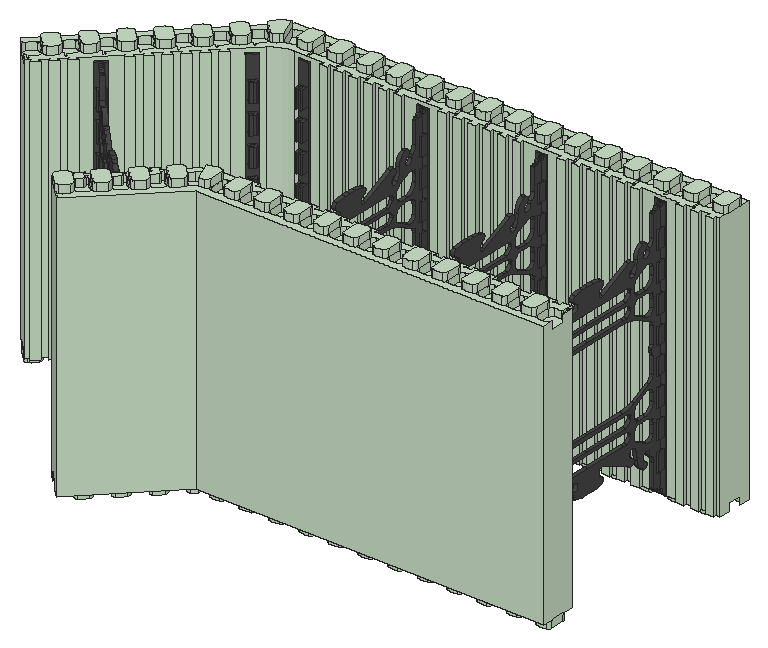
Revit family
Reference planes
  plane 1 "Center (Front/Back)": y = 0
  plane 2: z = 0
  plane 3 "Center (Left/Right)": x = 0
Forms (mm)
  Extrusion 1, solid, material "NUDURA Expanded Polystyrene Foam Insulation"
    sketch origin (-0.04, -0.008, 0) x (1, 0, 0) y (0, 1, 0)
      loop
        line (-90.744, 219.075) -> (-351.727, -41.909) -> (-309.071, -84.565) -> (-304.021, -79.515) -> (-300.651, -85.124) -> (-290.551, -75.025) -> (-296.161, -71.654) -> (-286.061, -61.554) -> (-282.69, -67.164) -> (-272.59, -57.064) -> (-278.2, -53.694) -> (-268.1, -43.594) -> (-264.73, -49.203) -> (-254.63, -39.104) -> (-260.239, -35.733) -> (-214.219, 10.288) -> (-210.848, 4.678) -> (-200.748, 14.778) -> (-206.358, 18.148) -> (-196.258, 28.248) -> (-192.888, 22.639) -> (-182.788, 32.738) -> (-188.397, 36.109) -> (-178.298, 46.209) -> (-174.927, 40.599) -> (-164.827, 50.699) -> (-170.437, 54.069) -> (-160.337, 64.169) -> (-156.967, 58.56) -> (-146.867, 68.659) -> (-152.476, 72.03) -> (-142.377, 82.13) -> (-139.006, 76.52) -> (-128.906, 86.62) -> (-134.516, 89.991) -> (-124.416, 100.09) -> (-121.046, 94.481) -> (-110.946, 104.58) -> (-116.555, 107.951) -> (-80.635, 143.871)
        arc (-80.635, 143.871) -> (-64.155, 154.883) -> (-44.714, 158.75) r 50.8
        line (-44.714, 158.75) -> (6.084, 158.75) -> (4.501, 152.4) -> (18.784, 152.4) -> (17.201, 158.75) -> (31.484, 158.75) -> (29.901, 152.4) -> (44.184, 152.4) -> (42.601, 158.75) -> (56.884, 158.75) -> (55.301, 152.4) -> (69.584, 152.4) -> (68.001, 158.75) -> (82.284, 158.75) -> (80.701, 152.4) -> (94.984, 152.4) -> (93.401, 158.75) -> (107.684, 158.75) -> (106.101, 152.4) -> (120.384, 152.4) -> (118.801, 158.75) -> (133.084, 158.75) -> (131.501, 152.4) -> (145.784, 152.4) -> (144.201, 158.75) -> (209.284, 158.75) -> (207.701, 152.4) -> (221.984, 152.4) -> (220.401, 158.75) -> (234.684, 158.75) -> (233.101, 152.4) -> (247.384, 152.4) -> (245.801, 158.75) -> (260.084, 158.75) -> (258.501, 152.4) -> (272.784, 152.4) -> (271.201, 158.75) -> (285.484, 158.75) -> (283.901, 152.4) -> (298.184, 152.4) -> (296.601, 158.75) -> (310.884, 158.75) -> (309.301, 152.4) -> (323.584, 152.4) -> (322.001, 158.75) -> (336.284, 158.75) -> (334.701, 152.4) -> (348.984, 152.4) -> (347.401, 158.75) -> (412.484, 158.75) -> (410.901, 152.4) -> (425.184, 152.4) -> (423.601, 158.75) -> (437.884, 158.75) -> (436.301, 152.4) -> (450.584, 152.4) -> (449.001, 158.75) -> (463.284, 158.75) -> (461.701, 152.4) -> (475.984, 152.4) -> (474.401, 158.75) -> (488.684, 158.75) -> (487.101, 152.4) -> (501.384, 152.4) -> (499.801, 158.75) -> (514.084, 158.75) -> (512.501, 152.4) -> (526.784, 152.4) -> (525.201, 158.75) -> (539.484, 158.75) -> (537.901, 152.4) -> (552.184, 152.4) -> (550.601, 158.75) -> (615.684, 158.75) -> (614.101, 152.4) -> (628.384, 152.4) -> (626.801, 158.75) -> (641.084, 158.75) -> (639.501, 152.4) -> (653.784, 152.4) -> (652.201, 158.75) -> (666.484, 158.75) -> (664.901, 152.4) -> (679.184, 152.4) -> (677.601, 158.75) -> (684.743, 158.75) -> (684.743, 219.075) -> (-90.744, 219.075)
      loop
        line (684.743, -158.75) -> (677.601, -158.75) -> (679.184, -152.4) -> (664.901, -152.4) -> (666.484, -158.75) -> (652.201, -158.75) -> (653.784, -152.4) -> (639.501, -152.4) -> (641.084, -158.75) -> (626.801, -158.75) -> (628.384, -152.4) -> (614.101, -152.4) -> (615.684, -158.75) -> (550.601, -158.75) -> (552.184, -152.4) -> (537.901, -152.4) -> (539.484, -158.75) -> (525.201, -158.75) -> (526.784, -152.4) -> (512.501, -152.4) -> (514.084, -158.75) -> (499.801, -158.75) -> (501.384, -152.4) -> (487.101, -152.4) -> (488.684, -158.75) -> (474.401, -158.75) -> (475.984, -152.4) -> (461.701, -152.4) -> (463.284, -158.75) -> (449.001, -158.75) -> (450.584, -152.4) -> (436.301, -152.4) -> (437.884, -158.75) -> (423.601, -158.75) -> (425.184, -152.4) -> (410.901, -152.4) -> (412.484, -158.75) -> (347.401, -158.75) -> (348.984, -152.4) -> (334.701, -152.4) -> (336.284, -158.75) -> (322.001, -158.75) -> (323.584, -152.4) -> (309.301, -152.4) -> (310.884, -158.75) -> (296.601, -158.75) -> (298.184, -152.4) -> (283.901, -152.4) -> (285.484, -158.75) -> (271.201, -158.75) -> (272.784, -152.4) -> (258.501, -152.4) -> (260.084, -158.75) -> (245.801, -158.75) -> (247.384, -152.4) -> (233.101, -152.4) -> (234.684, -158.75) -> (220.401, -158.75) -> (221.984, -152.4) -> (207.701, -152.4) -> (209.284, -158.75) -> (144.201, -158.75) -> (145.784, -152.4) -> (131.501, -152.4) -> (133.084, -158.75) -> (86.798, -158.75)
        arc (86.798, -158.75) -> (67.358, -162.617) -> (50.877, -173.629) r 50.8
        line (50.877, -173.629) -> (36.109, -188.397) -> (32.738, -182.788) -> (22.639, -192.888) -> (28.248, -196.258) -> (18.148, -206.358) -> (14.778, -200.748) -> (4.678, -210.848) -> (10.288, -214.219) -> (-35.733, -260.239) -> (-39.104, -254.63) -> (-49.203, -264.73) -> (-43.594, -268.1) -> (-53.694, -278.2) -> (-57.064, -272.59) -> (-67.164, -282.69) -> (-61.554, -286.061) -> (-71.654, -296.161) -> (-75.025, -290.551) -> (-85.124, -300.651) -> (-79.515, -304.021) -> (-84.565, -309.071) -> (-41.909, -351.727) -> (90.744, -219.075) -> (684.743, -219.075) -> (684.743, -158.75)
    from 0 to 457.2
  Extrusion 2, solid, material "NUDURA Expanded Polystyrene Foam Insulation"
    sketch origin (-31.603, 76.192, 0) x (1, 0, 0) y (0, 1, 0)
      loop
        line (-38.796, 93.662) -> (-53.326, 128.741)
        arc (-53.326, 128.741) -> (-60.188, 125.074) -> (-66.202, 120.138) r 39.687
        line (-66.202, 120.138) -> (-69.84, 116.501)
        arc (-69.84, 116.501) -> (-72.579, 113.296) -> (-74.786, 109.703) r 26.988
        arc (-74.786, 109.703) -> (-75.404, 105.823) -> (-73.622, 102.322) r 6.35
        line (-73.622, 102.322) -> (-57.077, 85.778)
        arc (-57.077, 85.778) -> (-53.576, 83.995) -> (-49.696, 84.614) r 6.35
        arc (-49.696, 84.614) -> (-46.104, 86.821) -> (-42.899, 89.56) r 26.987
        line (-42.899, 89.56) -> (-38.796, 93.662)
    from 457.2 to 469.9
  Extrusion 3, solid, material "NUDURA Expanded Polystyrene Foam Insulation"
    sketch origin (-31.603, 76.192, 0) x (1, 0, 0) y (0, 1, 0)
      loop
        line (-38.796, 93.662) -> (-32.994, 93.662)
        arc (-32.994, 93.662) -> (-28.791, 93.992) -> (-24.69, 94.972) r 26.988
        arc (-24.69, 94.972) -> (-21.51, 97.278) -> (-20.294, 101.014) r 6.35
        line (-20.294, 101.014) -> (-20.294, 124.411)
        arc (-20.294, 124.411) -> (-21.51, 128.147) -> (-24.69, 130.453) r 6.35
        arc (-24.69, 130.453) -> (-28.791, 131.433) -> (-32.994, 131.762) r 26.987
        line (-32.994, 131.762) -> (-38.139, 131.762)
        arc (-38.139, 131.762) -> (-45.881, 131) -> (-53.326, 128.741) r 39.687
        line (-53.326, 128.741) -> (-38.796, 93.662)
    from 0 to -12.7
  Extrusion 4, void
    sketch origin (39.928, -67.181, 0) x (1, 0, 0) y (0, 1, 0)
      loop
        arc (-33.981, -218.47) -> (-27.183, -213.524) -> (-22.238, -206.726) r 26.988
        arc (-22.238, -206.726) -> (-21.619, -202.847) -> (-23.401, -199.345) r 6.35
        line (-23.401, -199.345) -> (-39.946, -182.801)
        arc (-39.946, -182.801) -> (-41.894, -181.472) -> (-44.193, -180.946) r 6.35
        arc (-44.193, -180.946) -> (-44.768, -180.814) -> (-45.255, -180.482) r 1.587
        line (-45.255, -180.482) -> (-51.471, -174.266) -> (-54.54, -177.334) -> (-50.56, -181.314)
        arc (-50.56, -181.314) -> (-50.1, -182.566) -> (-50.758, -183.727) r 1.588
        arc (-50.758, -183.727) -> (-55.492, -188.056) -> (-59.07, -193.38) r 26.988
        arc (-59.07, -193.38) -> (-59.689, -197.26) -> (-57.906, -200.761) r 6.35
        line (-57.906, -200.761) -> (-41.362, -217.306)
        arc (-41.362, -217.306) -> (-37.861, -219.088) -> (-33.981, -218.47) r 6.35
    from 457.2 to 444.5
  Extrusion 5, void
    sketch origin (75.849, -31.26, 0) x (1, 0, 0) y (0, 1, 0)
      loop
        arc (-33.981, -218.47) -> (-27.183, -213.524) -> (-22.238, -206.726) r 26.988
        arc (-22.238, -206.726) -> (-21.619, -202.847) -> (-23.401, -199.345) r 6.35
        line (-23.401, -199.345) -> (-39.946, -182.801)
        arc (-39.946, -182.801) -> (-41.894, -181.472) -> (-44.193, -180.946) r 6.35
        arc (-44.193, -180.946) -> (-44.768, -180.814) -> (-45.255, -180.482) r 1.587
        line (-45.255, -180.482) -> (-51.471, -174.266) -> (-54.54, -177.334) -> (-50.56, -181.314)
        arc (-50.56, -181.314) -> (-50.1, -182.566) -> (-50.758, -183.727) r 1.588
        arc (-50.758, -183.727) -> (-55.492, -188.056) -> (-59.07, -193.38) r 26.988
        arc (-59.07, -193.38) -> (-59.689, -197.26) -> (-57.906, -200.761) r 6.35
        line (-57.906, -200.761) -> (-41.362, -217.306)
        arc (-41.362, -217.306) -> (-37.861, -219.088) -> (-33.981, -218.47) r 6.35
    from 457.2 to 444.5
  Extrusion 6, void
    sketch origin (334.208, -76.208, 0) x (0.707107, -0.707107, 0) y (0.707107, 0.707107, 0)
      loop
        arc (-33.981, -218.47) -> (-27.183, -213.524) -> (-22.238, -206.726) r 26.988
        arc (-22.238, -206.726) -> (-21.619, -202.847) -> (-23.401, -199.345) r 6.35
        line (-23.401, -199.345) -> (-39.946, -182.801)
        arc (-39.946, -182.801) -> (-41.894, -181.472) -> (-44.193, -180.946) r 6.35
        arc (-44.193, -180.946) -> (-44.768, -180.814) -> (-45.255, -180.482) r 1.587
        line (-45.255, -180.482) -> (-51.471, -174.266) -> (-54.54, -177.334) -> (-50.56, -181.314)
        arc (-50.56, -181.314) -> (-50.1, -182.566) -> (-50.758, -183.727) r 1.588
        arc (-50.758, -183.727) -> (-55.492, -188.056) -> (-59.07, -193.38) r 26.988
        arc (-59.07, -193.38) -> (-59.689, -197.26) -> (-57.906, -200.761) r 6.35
        line (-57.906, -200.761) -> (-41.362, -217.306)
        arc (-41.362, -217.306) -> (-37.861, -219.088) -> (-33.981, -218.47) r 6.35
    from 457.2 to 444.5
  Extrusion 7, void
    sketch origin (385.008, -76.208, 0) x (0.707107, -0.707107, 0) y (0.707107, 0.707107, 0)
      loop
        arc (-33.981, -218.47) -> (-27.183, -213.524) -> (-22.238, -206.726) r 26.988
        arc (-22.238, -206.726) -> (-21.619, -202.847) -> (-23.401, -199.345) r 6.35
        line (-23.401, -199.345) -> (-39.946, -182.801)
        arc (-39.946, -182.801) -> (-41.894, -181.472) -> (-44.193, -180.946) r 6.35
        arc (-44.193, -180.946) -> (-44.768, -180.814) -> (-45.255, -180.482) r 1.587
        line (-45.255, -180.482) -> (-51.471, -174.266) -> (-54.54, -177.334) -> (-50.56, -181.314)
        arc (-50.56, -181.314) -> (-50.1, -182.566) -> (-50.758, -183.727) r 1.588
        arc (-50.758, -183.727) -> (-55.492, -188.056) -> (-59.07, -193.38) r 26.988
        arc (-59.07, -193.38) -> (-59.689, -197.26) -> (-57.906, -200.761) r 6.35
        line (-57.906, -200.761) -> (-41.362, -217.306)
        arc (-41.362, -217.306) -> (-37.861, -219.088) -> (-33.981, -218.47) r 6.35
    from 457.2 to 444.5
  Extrusion 8, void
    sketch origin (435.808, -76.208, 0) x (0.707107, -0.707107, 0) y (0.707107, 0.707107, 0)
      loop
        arc (-33.981, -218.47) -> (-27.183, -213.524) -> (-22.238, -206.726) r 26.988
        arc (-22.238, -206.726) -> (-21.619, -202.847) -> (-23.401, -199.345) r 6.35
        line (-23.401, -199.345) -> (-39.946, -182.801)
        arc (-39.946, -182.801) -> (-41.894, -181.472) -> (-44.193, -180.946) r 6.35
        arc (-44.193, -180.946) -> (-44.768, -180.814) -> (-45.255, -180.482) r 1.587
        line (-45.255, -180.482) -> (-51.471, -174.266) -> (-54.54, -177.334) -> (-50.56, -181.314)
        arc (-50.56, -181.314) -> (-50.1, -182.566) -> (-50.758, -183.727) r 1.588
        arc (-50.758, -183.727) -> (-55.492, -188.056) -> (-59.07, -193.38) r 26.988
        arc (-59.07, -193.38) -> (-59.689, -197.26) -> (-57.906, -200.761) r 6.35
        line (-57.906, -200.761) -> (-41.362, -217.306)
        arc (-41.362, -217.306) -> (-37.861, -219.088) -> (-33.981, -218.47) r 6.35
    from 457.2 to 444.5
  Extrusion 9, void
    sketch origin (486.608, -76.208, 0) x (0.707107, -0.707107, 0) y (0.707107, 0.707107, 0)
      loop
        arc (-33.981, -218.47) -> (-27.183, -213.524) -> (-22.238, -206.726) r 26.988
        arc (-22.238, -206.726) -> (-21.619, -202.847) -> (-23.401, -199.345) r 6.35
        line (-23.401, -199.345) -> (-39.946, -182.801)
        arc (-39.946, -182.801) -> (-41.894, -181.472) -> (-44.193, -180.946) r 6.35
        arc (-44.193, -180.946) -> (-44.768, -180.814) -> (-45.255, -180.482) r 1.587
        line (-45.255, -180.482) -> (-51.471, -174.266) -> (-54.54, -177.334) -> (-50.56, -181.314)
        arc (-50.56, -181.314) -> (-50.1, -182.566) -> (-50.758, -183.727) r 1.588
        arc (-50.758, -183.727) -> (-55.492, -188.056) -> (-59.07, -193.38) r 26.988
        arc (-59.07, -193.38) -> (-59.689, -197.26) -> (-57.906, -200.761) r 6.35
        line (-57.906, -200.761) -> (-41.362, -217.306)
        arc (-41.362, -217.306) -> (-37.861, -219.088) -> (-33.981, -218.47) r 6.35
    from 457.2 to 444.5
  Extrusion 10, void
    sketch origin (537.408, -76.208, 0) x (0.707107, -0.707107, 0) y (0.707107, 0.707107, 0)
      loop
        arc (-33.981, -218.47) -> (-27.183, -213.524) -> (-22.238, -206.726) r 26.988
        arc (-22.238, -206.726) -> (-21.619, -202.847) -> (-23.401, -199.345) r 6.35
        line (-23.401, -199.345) -> (-39.946, -182.801)
        arc (-39.946, -182.801) -> (-41.894, -181.472) -> (-44.193, -180.946) r 6.35
        arc (-44.193, -180.946) -> (-44.768, -180.814) -> (-45.255, -180.482) r 1.587
        line (-45.255, -180.482) -> (-51.471, -174.266) -> (-54.54, -177.334) -> (-50.56, -181.314)
        arc (-50.56, -181.314) -> (-50.1, -182.566) -> (-50.758, -183.727) r 1.588
        arc (-50.758, -183.727) -> (-55.492, -188.056) -> (-59.07, -193.38) r 26.988
        arc (-59.07, -193.38) -> (-59.689, -197.26) -> (-57.906, -200.761) r 6.35
        line (-57.906, -200.761) -> (-41.362, -217.306)
        arc (-41.362, -217.306) -> (-37.861, -219.088) -> (-33.981, -218.47) r 6.35
    from 457.2 to 444.5
  Extrusion 11, void
    sketch origin (588.208, -76.208, 0) x (0.707107, -0.707107, 0) y (0.707107, 0.707107, 0)
      loop
        arc (-33.981, -218.47) -> (-27.183, -213.524) -> (-22.238, -206.726) r 26.988
        arc (-22.238, -206.726) -> (-21.619, -202.847) -> (-23.401, -199.345) r 6.35
        line (-23.401, -199.345) -> (-39.946, -182.801)
        arc (-39.946, -182.801) -> (-41.894, -181.472) -> (-44.193, -180.946) r 6.35
        arc (-44.193, -180.946) -> (-44.768, -180.814) -> (-45.255, -180.482) r 1.587
        line (-45.255, -180.482) -> (-51.471, -174.266) -> (-54.54, -177.334) -> (-50.56, -181.314)
        arc (-50.56, -181.314) -> (-50.1, -182.566) -> (-50.758, -183.727) r 1.588
        arc (-50.758, -183.727) -> (-55.492, -188.056) -> (-59.07, -193.38) r 26.988
        arc (-59.07, -193.38) -> (-59.689, -197.26) -> (-57.906, -200.761) r 6.35
        line (-57.906, -200.761) -> (-41.362, -217.306)
        arc (-41.362, -217.306) -> (-37.861, -219.088) -> (-33.981, -218.47) r 6.35
    from 457.2 to 444.5
  Extrusion 12, void
    sketch origin (639.008, -76.208, 0) x (0.707107, -0.707107, 0) y (0.707107, 0.707107, 0)
      loop
        arc (-33.981, -218.47) -> (-27.183, -213.524) -> (-22.238, -206.726) r 26.988
        arc (-22.238, -206.726) -> (-21.619, -202.847) -> (-23.401, -199.345) r 6.35
        line (-23.401, -199.345) -> (-39.946, -182.801)
        arc (-39.946, -182.801) -> (-41.894, -181.472) -> (-44.193, -180.946) r 6.35
        arc (-44.193, -180.946) -> (-44.768, -180.814) -> (-45.255, -180.482) r 1.587
        line (-45.255, -180.482) -> (-51.471, -174.266) -> (-54.54, -177.334) -> (-50.56, -181.314)
        arc (-50.56, -181.314) -> (-50.1, -182.566) -> (-50.758, -183.727) r 1.588
        arc (-50.758, -183.727) -> (-55.492, -188.056) -> (-59.07, -193.38) r 26.988
        arc (-59.07, -193.38) -> (-59.689, -197.26) -> (-57.906, -200.761) r 6.35
        line (-57.906, -200.761) -> (-41.362, -217.306)
        arc (-41.362, -217.306) -> (-37.861, -219.088) -> (-33.981, -218.47) r 6.35
    from 457.2 to 444.5
  Extrusion 13, void
    sketch origin (689.808, -76.208, 0) x (0.707107, -0.707107, 0) y (0.707107, 0.707107, 0)
      loop
        arc (-33.981, -218.47) -> (-27.183, -213.524) -> (-22.238, -206.726) r 26.988
        arc (-22.238, -206.726) -> (-21.619, -202.847) -> (-23.401, -199.345) r 6.35
        line (-23.401, -199.345) -> (-39.946, -182.801)
        arc (-39.946, -182.801) -> (-41.894, -181.472) -> (-44.193, -180.946) r 6.35
        arc (-44.193, -180.946) -> (-44.768, -180.814) -> (-45.255, -180.482) r 1.587
        line (-45.255, -180.482) -> (-51.471, -174.266) -> (-54.54, -177.334) -> (-50.56, -181.314)
        arc (-50.56, -181.314) -> (-50.1, -182.566) -> (-50.758, -183.727) r 1.588
        arc (-50.758, -183.727) -> (-55.492, -188.056) -> (-59.07, -193.38) r 26.988
        arc (-59.07, -193.38) -> (-59.689, -197.26) -> (-57.906, -200.761) r 6.35
        line (-57.906, -200.761) -> (-41.362, -217.306)
        arc (-41.362, -217.306) -> (-37.861, -219.088) -> (-33.981, -218.47) r 6.35
    from 457.2 to 444.5
  Extrusion 14, void
    sketch origin (740.608, -76.208, 0) x (0.707107, -0.707107, 0) y (0.707107, 0.707107, 0)
      loop
        arc (-33.981, -218.47) -> (-27.183, -213.524) -> (-22.238, -206.726) r 26.988
        arc (-22.238, -206.726) -> (-21.619, -202.847) -> (-23.401, -199.345) r 6.35
        line (-23.401, -199.345) -> (-39.946, -182.801)
        arc (-39.946, -182.801) -> (-41.894, -181.472) -> (-44.193, -180.946) r 6.35
        arc (-44.193, -180.946) -> (-44.768, -180.814) -> (-45.255, -180.482) r 1.587
        line (-45.255, -180.482) -> (-51.471, -174.266) -> (-54.54, -177.334) -> (-50.56, -181.314)
        arc (-50.56, -181.314) -> (-50.1, -182.566) -> (-50.758, -183.727) r 1.588
        arc (-50.758, -183.727) -> (-55.492, -188.056) -> (-59.07, -193.38) r 26.988
        arc (-59.07, -193.38) -> (-59.689, -197.26) -> (-57.906, -200.761) r 6.35
        line (-57.906, -200.761) -> (-41.362, -217.306)
        arc (-41.362, -217.306) -> (-37.861, -219.088) -> (-33.981, -218.47) r 6.35
    from 457.2 to 444.5
  Extrusion 15, void
    sketch origin (791.408, -76.208, 0) x (0.707107, -0.707107, 0) y (0.707107, 0.707107, 0)
      loop
        arc (-33.981, -218.47) -> (-27.183, -213.524) -> (-22.238, -206.726) r 26.988
        arc (-22.238, -206.726) -> (-21.619, -202.847) -> (-23.401, -199.345) r 6.35
        line (-23.401, -199.345) -> (-39.946, -182.801)
        arc (-39.946, -182.801) -> (-41.894, -181.472) -> (-44.193, -180.946) r 6.35
        arc (-44.193, -180.946) -> (-44.768, -180.814) -> (-45.255, -180.482) r 1.587
        line (-45.255, -180.482) -> (-51.471, -174.266) -> (-54.54, -177.334) -> (-50.56, -181.314)
        arc (-50.56, -181.314) -> (-50.1, -182.566) -> (-50.758, -183.727) r 1.588
        arc (-50.758, -183.727) -> (-55.492, -188.056) -> (-59.07, -193.38) r 26.988
        arc (-59.07, -193.38) -> (-59.689, -197.26) -> (-57.906, -200.761) r 6.35
        line (-57.906, -200.761) -> (-41.362, -217.306)
        arc (-41.362, -217.306) -> (-37.861, -219.088) -> (-33.981, -218.47) r 6.35
    from 457.2 to 444.5
  Extrusion 16, void
    sketch origin (842.208, -76.208, 0) x (0.707107, -0.707107, 0) y (0.707107, 0.707107, 0)
      loop
        arc (-33.981, -218.47) -> (-27.183, -213.524) -> (-22.238, -206.726) r 26.988
        arc (-22.238, -206.726) -> (-21.619, -202.847) -> (-23.401, -199.345) r 6.35
        line (-23.401, -199.345) -> (-39.946, -182.801)
        arc (-39.946, -182.801) -> (-41.894, -181.472) -> (-44.193, -180.946) r 6.35
        arc (-44.193, -180.946) -> (-44.768, -180.814) -> (-45.255, -180.482) r 1.587
        line (-45.255, -180.482) -> (-51.471, -174.266) -> (-54.54, -177.334) -> (-50.56, -181.314)
        arc (-50.56, -181.314) -> (-50.1, -182.566) -> (-50.758, -183.727) r 1.588
        arc (-50.758, -183.727) -> (-55.492, -188.056) -> (-59.07, -193.38) r 26.988
        arc (-59.07, -193.38) -> (-59.689, -197.26) -> (-57.906, -200.761) r 6.35
        line (-57.906, -200.761) -> (-41.362, -217.306)
        arc (-41.362, -217.306) -> (-37.861, -219.088) -> (-33.981, -218.47) r 6.35
    from 457.2 to 444.5
  Extrusion 17, void
    sketch origin (323.997, 76.192, 0) x (-0.707107, 0.707107, 0) y (-0.707107, -0.707107, 0)
      loop
        arc (-33.981, -218.47) -> (-27.183, -213.524) -> (-22.238, -206.726) r 26.988
        arc (-22.238, -206.726) -> (-21.619, -202.847) -> (-23.401, -199.345) r 6.35
        line (-23.401, -199.345) -> (-39.946, -182.801)
        arc (-39.946, -182.801) -> (-41.894, -181.472) -> (-44.193, -180.946) r 6.35
        arc (-44.193, -180.946) -> (-44.768, -180.814) -> (-45.255, -180.482) r 1.587
        line (-45.255, -180.482) -> (-51.471, -174.266) -> (-54.54, -177.334) -> (-50.56, -181.314)
        arc (-50.56, -181.314) -> (-50.1, -182.566) -> (-50.758, -183.727) r 1.588
        arc (-50.758, -183.727) -> (-55.492, -188.056) -> (-59.07, -193.38) r 26.988
        arc (-59.07, -193.38) -> (-59.689, -197.26) -> (-57.906, -200.761) r 6.35
        line (-57.906, -200.761) -> (-41.362, -217.306)
        arc (-41.362, -217.306) -> (-37.861, -219.088) -> (-33.981, -218.47) r 6.35
    from 457.2 to 444.5
  Extrusion 18, void
    sketch origin (374.797, 76.192, 0) x (-0.707107, 0.707107, 0) y (-0.707107, -0.707107, 0)
      loop
        arc (-33.981, -218.47) -> (-27.183, -213.524) -> (-22.238, -206.726) r 26.988
        arc (-22.238, -206.726) -> (-21.619, -202.847) -> (-23.401, -199.345) r 6.35
        line (-23.401, -199.345) -> (-39.946, -182.801)
        arc (-39.946, -182.801) -> (-41.894, -181.472) -> (-44.193, -180.946) r 6.35
        arc (-44.193, -180.946) -> (-44.768, -180.814) -> (-45.255, -180.482) r 1.587
        line (-45.255, -180.482) -> (-51.471, -174.266) -> (-54.54, -177.334) -> (-50.56, -181.314)
        arc (-50.56, -181.314) -> (-50.1, -182.566) -> (-50.758, -183.727) r 1.588
        arc (-50.758, -183.727) -> (-55.492, -188.056) -> (-59.07, -193.38) r 26.988
        arc (-59.07, -193.38) -> (-59.689, -197.26) -> (-57.906, -200.761) r 6.35
        line (-57.906, -200.761) -> (-41.362, -217.306)
        arc (-41.362, -217.306) -> (-37.861, -219.088) -> (-33.981, -218.47) r 6.35
    from 457.2 to 444.5
  Extrusion 19, void
    sketch origin (273.197, 76.192, 0) x (-0.707107, 0.707107, 0) y (-0.707107, -0.707107, 0)
      loop
        arc (-33.981, -218.47) -> (-27.183, -213.524) -> (-22.238, -206.726) r 26.988
        arc (-22.238, -206.726) -> (-21.619, -202.847) -> (-23.401, -199.345) r 6.35
        line (-23.401, -199.345) -> (-39.946, -182.801)
        arc (-39.946, -182.801) -> (-41.894, -181.472) -> (-44.193, -180.946) r 6.35
        arc (-44.193, -180.946) -> (-44.768, -180.814) -> (-45.255, -180.482) r 1.587
        line (-45.255, -180.482) -> (-51.471, -174.266) -> (-54.54, -177.334) -> (-50.56, -181.314)
        arc (-50.56, -181.314) -> (-50.1, -182.566) -> (-50.758, -183.727) r 1.588
        arc (-50.758, -183.727) -> (-55.492, -188.056) -> (-59.07, -193.38) r 26.988
        arc (-59.07, -193.38) -> (-59.689, -197.26) -> (-57.906, -200.761) r 6.35
        line (-57.906, -200.761) -> (-41.362, -217.306)
        arc (-41.362, -217.306) -> (-37.861, -219.088) -> (-33.981, -218.47) r 6.35
    from 457.2 to 444.5
  Extrusion 20, void
    sketch origin (222.397, 76.192, 0) x (-0.707107, 0.707107, 0) y (-0.707107, -0.707107, 0)
      loop
        arc (-33.981, -218.47) -> (-27.183, -213.524) -> (-22.238, -206.726) r 26.988
        arc (-22.238, -206.726) -> (-21.619, -202.847) -> (-23.401, -199.345) r 6.35
        line (-23.401, -199.345) -> (-39.946, -182.801)
        arc (-39.946, -182.801) -> (-41.894, -181.472) -> (-44.193, -180.946) r 6.35
        arc (-44.193, -180.946) -> (-44.768, -180.814) -> (-45.255, -180.482) r 1.587
        line (-45.255, -180.482) -> (-51.471, -174.266) -> (-54.54, -177.334) -> (-50.56, -181.314)
        arc (-50.56, -181.314) -> (-50.1, -182.566) -> (-50.758, -183.727) r 1.588
        arc (-50.758, -183.727) -> (-55.492, -188.056) -> (-59.07, -193.38) r 26.988
        arc (-59.07, -193.38) -> (-59.689, -197.26) -> (-57.906, -200.761) r 6.35
        line (-57.906, -200.761) -> (-41.362, -217.306)
        arc (-41.362, -217.306) -> (-37.861, -219.088) -> (-33.981, -218.47) r 6.35
    from 457.2 to 444.5
  Extrusion 21, void
    sketch origin (171.597, 76.192, 0) x (-0.707107, 0.707107, 0) y (-0.707107, -0.707107, 0)
      loop
        arc (-33.981, -218.47) -> (-27.183, -213.524) -> (-22.238, -206.726) r 26.988
        arc (-22.238, -206.726) -> (-21.619, -202.847) -> (-23.401, -199.345) r 6.35
        line (-23.401, -199.345) -> (-39.946, -182.801)
        arc (-39.946, -182.801) -> (-41.894, -181.472) -> (-44.193, -180.946) r 6.35
        arc (-44.193, -180.946) -> (-44.768, -180.814) -> (-45.255, -180.482) r 1.587
        line (-45.255, -180.482) -> (-51.471, -174.266) -> (-54.54, -177.334) -> (-50.56, -181.314)
        arc (-50.56, -181.314) -> (-50.1, -182.566) -> (-50.758, -183.727) r 1.588
        arc (-50.758, -183.727) -> (-55.492, -188.056) -> (-59.07, -193.38) r 26.988
        arc (-59.07, -193.38) -> (-59.689, -197.26) -> (-57.906, -200.761) r 6.35
        line (-57.906, -200.761) -> (-41.362, -217.306)
        arc (-41.362, -217.306) -> (-37.861, -219.088) -> (-33.981, -218.47) r 6.35
    from 457.2 to 444.5
  Extrusion 22, void
    sketch origin (120.797, 76.192, 0) x (-0.707107, 0.707107, 0) y (-0.707107, -0.707107, 0)
      loop
        arc (-33.981, -218.47) -> (-27.183, -213.524) -> (-22.238, -206.726) r 26.988
        arc (-22.238, -206.726) -> (-21.619, -202.847) -> (-23.401, -199.345) r 6.35
        line (-23.401, -199.345) -> (-39.946, -182.801)
        arc (-39.946, -182.801) -> (-41.894, -181.472) -> (-44.193, -180.946) r 6.35
        arc (-44.193, -180.946) -> (-44.768, -180.814) -> (-45.255, -180.482) r 1.587
        line (-45.255, -180.482) -> (-51.471, -174.266) -> (-54.54, -177.334) -> (-50.56, -181.314)
        arc (-50.56, -181.314) -> (-50.1, -182.566) -> (-50.758, -183.727) r 1.588
        arc (-50.758, -183.727) -> (-55.492, -188.056) -> (-59.07, -193.38) r 26.988
        arc (-59.07, -193.38) -> (-59.689, -197.26) -> (-57.906, -200.761) r 6.35
        line (-57.906, -200.761) -> (-41.362, -217.306)
        arc (-41.362, -217.306) -> (-37.861, -219.088) -> (-33.981, -218.47) r 6.35
    from 457.2 to 444.5
  Extrusion 23, void
    sketch origin (69.997, 76.192, 0) x (-0.707107, 0.707107, 0) y (-0.707107, -0.707107, 0)
      loop
        arc (-33.981, -218.47) -> (-27.183, -213.524) -> (-22.238, -206.726) r 26.988
        arc (-22.238, -206.726) -> (-21.619, -202.847) -> (-23.401, -199.345) r 6.35
        line (-23.401, -199.345) -> (-39.946, -182.801)
        arc (-39.946, -182.801) -> (-41.894, -181.472) -> (-44.193, -180.946) r 6.35
        arc (-44.193, -180.946) -> (-44.768, -180.814) -> (-45.255, -180.482) r 1.587
        line (-45.255, -180.482) -> (-51.471, -174.266) -> (-54.54, -177.334) -> (-50.56, -181.314)
        arc (-50.56, -181.314) -> (-50.1, -182.566) -> (-50.758, -183.727) r 1.588
        arc (-50.758, -183.727) -> (-55.492, -188.056) -> (-59.07, -193.38) r 26.988
        arc (-59.07, -193.38) -> (-59.689, -197.26) -> (-57.906, -200.761) r 6.35
        line (-57.906, -200.761) -> (-41.362, -217.306)
        arc (-41.362, -217.306) -> (-37.861, -219.088) -> (-33.981, -218.47) r 6.35
    from 457.2 to 444.5
  Extrusion 24, void
    sketch origin (19.197, 76.192, 0) x (-0.707107, 0.707107, 0) y (-0.707107, -0.707107, 0)
      loop
        arc (-33.981, -218.47) -> (-27.183, -213.524) -> (-22.238, -206.726) r 26.988
        arc (-22.238, -206.726) -> (-21.619, -202.847) -> (-23.401, -199.345) r 6.35
        line (-23.401, -199.345) -> (-39.946, -182.801)
        arc (-39.946, -182.801) -> (-41.894, -181.472) -> (-44.193, -180.946) r 6.35
        arc (-44.193, -180.946) -> (-44.768, -180.814) -> (-45.255, -180.482) r 1.587
        line (-45.255, -180.482) -> (-51.471, -174.266) -> (-54.54, -177.334) -> (-50.56, -181.314)
        arc (-50.56, -181.314) -> (-50.1, -182.566) -> (-50.758, -183.727) r 1.588
        arc (-50.758, -183.727) -> (-55.492, -188.056) -> (-59.07, -193.38) r 26.988
        arc (-59.07, -193.38) -> (-59.689, -197.26) -> (-57.906, -200.761) r 6.35
        line (-57.906, -200.761) -> (-41.362, -217.306)
        arc (-41.362, -217.306) -> (-37.861, -219.088) -> (-33.981, -218.47) r 6.35
    from 457.2 to 444.5
  Extrusion 25, void
    sketch origin (-31.603, 76.192, 0) x (-0.707107, 0.707107, 0) y (-0.707107, -0.707107, 0)
      loop
        arc (-33.981, -218.47) -> (-27.183, -213.524) -> (-22.238, -206.726) r 26.988
        arc (-22.238, -206.726) -> (-21.619, -202.847) -> (-23.401, -199.345) r 6.35
        line (-23.401, -199.345) -> (-39.946, -182.801)
        arc (-39.946, -182.801) -> (-41.894, -181.472) -> (-44.193, -180.946) r 6.35
        arc (-44.193, -180.946) -> (-44.768, -180.814) -> (-45.255, -180.482) r 1.587
        line (-45.255, -180.482) -> (-51.471, -174.266) -> (-54.54, -177.334) -> (-50.56, -181.314)
        arc (-50.56, -181.314) -> (-50.1, -182.566) -> (-50.758, -183.727) r 1.588
        arc (-50.758, -183.727) -> (-55.492, -188.056) -> (-59.07, -193.38) r 26.988
        arc (-59.07, -193.38) -> (-59.689, -197.26) -> (-57.906, -200.761) r 6.35
        line (-57.906, -200.761) -> (-41.362, -217.306)
        arc (-41.362, -217.306) -> (-37.861, -219.088) -> (-33.981, -218.47) r 6.35
    from 457.2 to 444.5
  Extrusion 26, void
    sketch origin (-82.403, 76.192, 0) x (-0.707107, 0.707107, 0) y (-0.707107, -0.707107, 0)
      loop
        arc (-33.981, -218.47) -> (-27.183, -213.524) -> (-22.238, -206.726) r 26.988
        arc (-22.238, -206.726) -> (-21.619, -202.847) -> (-23.401, -199.345) r 6.35
        line (-23.401, -199.345) -> (-39.946, -182.801)
        arc (-39.946, -182.801) -> (-41.894, -181.472) -> (-44.193, -180.946) r 6.35
        arc (-44.193, -180.946) -> (-44.768, -180.814) -> (-45.255, -180.482) r 1.587
        line (-45.255, -180.482) -> (-51.471, -174.266) -> (-54.54, -177.334) -> (-50.56, -181.314)
        arc (-50.56, -181.314) -> (-50.1, -182.566) -> (-50.758, -183.727) r 1.588
        arc (-50.758, -183.727) -> (-55.492, -188.056) -> (-59.07, -193.38) r 26.988
        arc (-59.07, -193.38) -> (-59.689, -197.26) -> (-57.906, -200.761) r 6.35
        line (-57.906, -200.761) -> (-41.362, -217.306)
        arc (-41.362, -217.306) -> (-37.861, -219.088) -> (-33.981, -218.47) r 6.35
    from 457.2 to 444.5
  Extrusion 27, void
    sketch origin (-133.203, 76.192, 0) x (-0.707107, 0.707107, 0) y (-0.707107, -0.707107, 0)
      loop
        arc (-33.981, -218.47) -> (-27.183, -213.524) -> (-22.238, -206.726) r 26.988
        arc (-22.238, -206.726) -> (-21.619, -202.847) -> (-23.401, -199.345) r 6.35
        line (-23.401, -199.345) -> (-39.946, -182.801)
        arc (-39.946, -182.801) -> (-41.894, -181.472) -> (-44.193, -180.946) r 6.35
        arc (-44.193, -180.946) -> (-44.768, -180.814) -> (-45.255, -180.482) r 1.587
        line (-45.255, -180.482) -> (-51.471, -174.266) -> (-54.54, -177.334) -> (-50.56, -181.314)
        arc (-50.56, -181.314) -> (-50.1, -182.566) -> (-50.758, -183.727) r 1.588
        arc (-50.758, -183.727) -> (-55.492, -188.056) -> (-59.07, -193.38) r 26.988
        arc (-59.07, -193.38) -> (-59.689, -197.26) -> (-57.906, -200.761) r 6.35
        line (-57.906, -200.761) -> (-41.362, -217.306)
        arc (-41.362, -217.306) -> (-37.861, -219.088) -> (-33.981, -218.47) r 6.35
    from 457.2 to 444.5
  Extrusion 28, void
    sketch origin (-184.003, 76.192, 0) x (-0.707107, 0.707107, 0) y (-0.707107, -0.707107, 0)
      loop
        arc (-33.981, -218.47) -> (-27.183, -213.524) -> (-22.238, -206.726) r 26.988
        arc (-22.238, -206.726) -> (-21.619, -202.847) -> (-23.401, -199.345) r 6.35
        line (-23.401, -199.345) -> (-39.946, -182.801)
        arc (-39.946, -182.801) -> (-41.894, -181.472) -> (-44.193, -180.946) r 6.35
        arc (-44.193, -180.946) -> (-44.768, -180.814) -> (-45.255, -180.482) r 1.587
        line (-45.255, -180.482) -> (-51.471, -174.266) -> (-54.54, -177.334) -> (-50.56, -181.314)
        arc (-50.56, -181.314) -> (-50.1, -182.566) -> (-50.758, -183.727) r 1.588
        arc (-50.758, -183.727) -> (-55.492, -188.056) -> (-59.07, -193.38) r 26.988
        arc (-59.07, -193.38) -> (-59.689, -197.26) -> (-57.906, -200.761) r 6.35
        line (-57.906, -200.761) -> (-41.362, -217.306)
        arc (-41.362, -217.306) -> (-37.861, -219.088) -> (-33.981, -218.47) r 6.35
    from 457.2 to 444.5
  Extrusion 29, void
    sketch origin (-290.271, -182.476, 0) x (-1, 0, 0) y (0, -1, 0)
      loop
        arc (-33.981, -218.47) -> (-27.183, -213.524) -> (-22.238, -206.726) r 26.988
        arc (-22.238, -206.726) -> (-21.619, -202.847) -> (-23.401, -199.345) r 6.35
        line (-23.401, -199.345) -> (-39.946, -182.801)
        arc (-39.946, -182.801) -> (-41.894, -181.472) -> (-44.193, -180.946) r 6.35
        arc (-44.193, -180.946) -> (-44.768, -180.814) -> (-45.255, -180.482) r 1.587
        line (-45.255, -180.482) -> (-51.471, -174.266) -> (-54.54, -177.334) -> (-50.56, -181.314)
        arc (-50.56, -181.314) -> (-50.1, -182.566) -> (-50.758, -183.727) r 1.588
        arc (-50.758, -183.727) -> (-55.492, -188.056) -> (-59.07, -193.38) r 26.988
        arc (-59.07, -193.38) -> (-59.689, -197.26) -> (-57.906, -200.761) r 6.35
        line (-57.906, -200.761) -> (-41.362, -217.306)
        arc (-41.362, -217.306) -> (-37.861, -219.088) -> (-33.981, -218.47) r 6.35
    from 457.2 to 444.5
  Extrusion 30, void
    sketch origin (-254.35, -146.555, 0) x (-1, 0, 0) y (0, -1, 0)
      loop
        arc (-33.981, -218.47) -> (-27.183, -213.524) -> (-22.238, -206.726) r 26.988
        arc (-22.238, -206.726) -> (-21.619, -202.847) -> (-23.401, -199.345) r 6.35
        line (-23.401, -199.345) -> (-39.946, -182.801)
        arc (-39.946, -182.801) -> (-41.894, -181.472) -> (-44.193, -180.946) r 6.35
        arc (-44.193, -180.946) -> (-44.768, -180.814) -> (-45.255, -180.482) r 1.587
        line (-45.255, -180.482) -> (-51.471, -174.266) -> (-54.54, -177.334) -> (-50.56, -181.314)
        arc (-50.56, -181.314) -> (-50.1, -182.566) -> (-50.758, -183.727) r 1.588
        arc (-50.758, -183.727) -> (-55.492, -188.056) -> (-59.07, -193.38) r 26.988
        arc (-59.07, -193.38) -> (-59.689, -197.26) -> (-57.906, -200.761) r 6.35
        line (-57.906, -200.761) -> (-41.362, -217.306)
        arc (-41.362, -217.306) -> (-37.861, -219.088) -> (-33.981, -218.47) r 6.35
    from 457.2 to 444.5
  Extrusion 31, void
    sketch origin (-218.429, -110.634, 0) x (-1, 0, 0) y (0, -1, 0)
      loop
        arc (-33.981, -218.47) -> (-27.183, -213.524) -> (-22.238, -206.726) r 26.988
        arc (-22.238, -206.726) -> (-21.619, -202.847) -> (-23.401, -199.345) r 6.35
        line (-23.401, -199.345) -> (-39.946, -182.801)
        arc (-39.946, -182.801) -> (-41.894, -181.472) -> (-44.193, -180.946) r 6.35
        arc (-44.193, -180.946) -> (-44.768, -180.814) -> (-45.255, -180.482) r 1.587
        line (-45.255, -180.482) -> (-51.471, -174.266) -> (-54.54, -177.334) -> (-50.56, -181.314)
        arc (-50.56, -181.314) -> (-50.1, -182.566) -> (-50.758, -183.727) r 1.588
        arc (-50.758, -183.727) -> (-55.492, -188.056) -> (-59.07, -193.38) r 26.988
        arc (-59.07, -193.38) -> (-59.689, -197.26) -> (-57.906, -200.761) r 6.35
        line (-57.906, -200.761) -> (-41.362, -217.306)
        arc (-41.362, -217.306) -> (-37.861, -219.088) -> (-33.981, -218.47) r 6.35
    from 457.2 to 444.5
  Extrusion 32, void
    sketch origin (-182.507, -74.713, 0) x (-1, 0, 0) y (0, -1, 0)
      loop
        arc (-33.981, -218.47) -> (-27.183, -213.524) -> (-22.238, -206.726) r 26.988
        arc (-22.238, -206.726) -> (-21.619, -202.847) -> (-23.401, -199.345) r 6.35
        line (-23.401, -199.345) -> (-39.946, -182.801)
        arc (-39.946, -182.801) -> (-41.894, -181.472) -> (-44.193, -180.946) r 6.35
        arc (-44.193, -180.946) -> (-44.768, -180.814) -> (-45.255, -180.482) r 1.587
        line (-45.255, -180.482) -> (-51.471, -174.266) -> (-54.54, -177.334) -> (-50.56, -181.314)
        arc (-50.56, -181.314) -> (-50.1, -182.566) -> (-50.758, -183.727) r 1.588
        arc (-50.758, -183.727) -> (-55.492, -188.056) -> (-59.07, -193.38) r 26.988
        arc (-59.07, -193.38) -> (-59.689, -197.26) -> (-57.906, -200.761) r 6.35
        line (-57.906, -200.761) -> (-41.362, -217.306)
        arc (-41.362, -217.306) -> (-37.861, -219.088) -> (-33.981, -218.47) r 6.35
    from 457.2 to 444.5
  Extrusion 33, void
    sketch origin (-146.586, -38.792, 0) x (-1, 0, 0) y (0, -1, 0)
      loop
        arc (-33.981, -218.47) -> (-27.183, -213.524) -> (-22.238, -206.726) r 26.988
        arc (-22.238, -206.726) -> (-21.619, -202.847) -> (-23.401, -199.345) r 6.35
        line (-23.401, -199.345) -> (-39.946, -182.801)
        arc (-39.946, -182.801) -> (-41.894, -181.472) -> (-44.193, -180.946) r 6.35
        arc (-44.193, -180.946) -> (-44.768, -180.814) -> (-45.255, -180.482) r 1.587
        line (-45.255, -180.482) -> (-51.471, -174.266) -> (-54.54, -177.334) -> (-50.56, -181.314)
        arc (-50.56, -181.314) -> (-50.1, -182.566) -> (-50.758, -183.727) r 1.588
        arc (-50.758, -183.727) -> (-55.492, -188.056) -> (-59.07, -193.38) r 26.988
        arc (-59.07, -193.38) -> (-59.689, -197.26) -> (-57.906, -200.761) r 6.35
        line (-57.906, -200.761) -> (-41.362, -217.306)
        arc (-41.362, -217.306) -> (-37.861, -219.088) -> (-33.981, -218.47) r 6.35
    from 457.2 to 444.5
  Extrusion 34, void
    sketch origin (-31.603, 76.192, 0) x (1, 0, 0) y (0, 1, 0)
      loop
        line (-38.796, 93.662) -> (-32.994, 93.662)
        arc (-32.994, 93.662) -> (-28.791, 93.992) -> (-24.69, 94.972) r 26.988
        arc (-24.69, 94.972) -> (-21.51, 97.278) -> (-20.294, 101.014) r 6.35
        line (-20.294, 101.014) -> (-20.294, 124.411)
        arc (-20.294, 124.411) -> (-21.51, 128.147) -> (-24.69, 130.453) r 6.35
        arc (-24.69, 130.453) -> (-28.791, 131.433) -> (-32.994, 131.762) r 26.987
        line (-32.994, 131.762) -> (-38.139, 131.762)
        arc (-38.139, 131.762) -> (-45.881, 131) -> (-53.326, 128.741) r 39.687
        line (-53.326, 128.741) -> (-38.796, 93.662)
    from 457.2 to 444.5
  Extrusion 35, void
    sketch origin (-31.603, 76.192, 0) x (1, 0, 0) y (0, 1, 0)
      loop
        line (-66.202, 120.138) -> (-69.84, 116.501)
        arc (-69.84, 116.501) -> (-72.579, 113.296) -> (-74.786, 109.703) r 26.988
        arc (-74.786, 109.703) -> (-75.404, 105.823) -> (-73.622, 102.322) r 6.35
        line (-73.622, 102.322) -> (-57.077, 85.778)
        arc (-57.077, 85.778) -> (-53.576, 83.995) -> (-49.696, 84.614) r 6.35
        arc (-49.696, 84.614) -> (-46.104, 86.821) -> (-42.899, 89.56) r 26.987
        line (-42.899, 89.56) -> (-38.796, 93.662) -> (-53.326, 128.741)
        arc (-53.326, 128.741) -> (-60.188, 125.074) -> (-66.202, 120.138) r 39.687
    from 0 to 12.7
  Extrusion 36, void
    sketch origin (-218.739, -325.849, 0) x (0, -1, 0) y (1, 0, 0)
      loop
        arc (-33.981, 218.47) -> (-37.861, 219.088) -> (-41.362, 217.306) r 6.35
        line (-41.362, 217.306) -> (-57.906, 200.761)
        arc (-57.906, 200.761) -> (-59.689, 197.26) -> (-59.07, 193.38) r 6.35
        arc (-59.07, 193.38) -> (-55.492, 188.056) -> (-50.758, 183.727) r 26.988
        arc (-50.758, 183.727) -> (-50.1, 182.566) -> (-50.56, 181.314) r 1.588
        line (-50.56, 181.314) -> (-54.54, 177.334) -> (-51.471, 174.266) -> (-45.255, 180.482)
        arc (-45.255, 180.482) -> (-44.768, 180.814) -> (-44.193, 180.946) r 1.587
        arc (-44.193, 180.946) -> (-41.894, 181.472) -> (-39.946, 182.801) r 6.35
        line (-39.946, 182.801) -> (-23.401, 199.345)
        arc (-23.401, 199.345) -> (-21.619, 202.847) -> (-22.238, 206.726) r 6.35
        arc (-22.238, 206.726) -> (-27.183, 213.524) -> (-33.981, 218.47) r 26.988
    from 0 to 12.7
  Extrusion 37, void
    sketch origin (-182.818, -289.928, 0) x (0, -1, 0) y (1, 0, 0)
      loop
        arc (-33.981, 218.47) -> (-37.861, 219.088) -> (-41.362, 217.306) r 6.35
        line (-41.362, 217.306) -> (-57.906, 200.761)
        arc (-57.906, 200.761) -> (-59.689, 197.26) -> (-59.07, 193.38) r 6.35
        arc (-59.07, 193.38) -> (-55.492, 188.056) -> (-50.758, 183.727) r 26.988
        arc (-50.758, 183.727) -> (-50.1, 182.566) -> (-50.56, 181.314) r 1.588
        line (-50.56, 181.314) -> (-54.54, 177.334) -> (-51.471, 174.266) -> (-45.255, 180.482)
        arc (-45.255, 180.482) -> (-44.768, 180.814) -> (-44.193, 180.946) r 1.587
        arc (-44.193, 180.946) -> (-41.894, 181.472) -> (-39.946, 182.801) r 6.35
        line (-39.946, 182.801) -> (-23.401, 199.345)
        arc (-23.401, 199.345) -> (-21.619, 202.847) -> (-22.238, 206.726) r 6.35
        arc (-22.238, 206.726) -> (-27.183, 213.524) -> (-33.981, 218.47) r 26.988
    from 0 to 12.7
  Extrusion 38, void
    sketch origin (-146.897, -254.007, 0) x (0, -1, 0) y (1, 0, 0)
      loop
        arc (-33.981, 218.47) -> (-37.861, 219.088) -> (-41.362, 217.306) r 6.35
        line (-41.362, 217.306) -> (-57.906, 200.761)
        arc (-57.906, 200.761) -> (-59.689, 197.26) -> (-59.07, 193.38) r 6.35
        arc (-59.07, 193.38) -> (-55.492, 188.056) -> (-50.758, 183.727) r 26.988
        arc (-50.758, 183.727) -> (-50.1, 182.566) -> (-50.56, 181.314) r 1.588
        line (-50.56, 181.314) -> (-54.54, 177.334) -> (-51.471, 174.266) -> (-45.255, 180.482)
        arc (-45.255, 180.482) -> (-44.768, 180.814) -> (-44.193, 180.946) r 1.587
        arc (-44.193, 180.946) -> (-41.894, 181.472) -> (-39.946, 182.801) r 6.35
        line (-39.946, 182.801) -> (-23.401, 199.345)
        arc (-23.401, 199.345) -> (-21.619, 202.847) -> (-22.238, 206.726) r 6.35
        arc (-22.238, 206.726) -> (-27.183, 213.524) -> (-33.981, 218.47) r 26.988
    from 0 to 12.7
  Extrusion 39, void
    sketch origin (19.197, -76.208, 0) x (-0.707107, -0.707107, 0) y (0.707107, -0.707107, 0)
      loop
        arc (-33.981, 218.47) -> (-37.861, 219.088) -> (-41.362, 217.306) r 6.35
        line (-41.362, 217.306) -> (-57.906, 200.761)
        arc (-57.906, 200.761) -> (-59.689, 197.26) -> (-59.07, 193.38) r 6.35
        arc (-59.07, 193.38) -> (-55.492, 188.056) -> (-50.758, 183.727) r 26.988
        arc (-50.758, 183.727) -> (-50.1, 182.566) -> (-50.56, 181.314) r 1.588
        line (-50.56, 181.314) -> (-54.54, 177.334) -> (-51.471, 174.266) -> (-45.255, 180.482)
        arc (-45.255, 180.482) -> (-44.768, 180.814) -> (-44.193, 180.946) r 1.587
        arc (-44.193, 180.946) -> (-41.894, 181.472) -> (-39.946, 182.801) r 6.35
        line (-39.946, 182.801) -> (-23.401, 199.345)
        arc (-23.401, 199.345) -> (-21.619, 202.847) -> (-22.238, 206.726) r 6.35
        arc (-22.238, 206.726) -> (-27.183, 213.524) -> (-33.981, 218.47) r 26.988
    from 0 to 12.7
  Extrusion 40, void
    sketch origin (69.997, -76.208, 0) x (-0.707107, -0.707107, 0) y (0.707107, -0.707107, 0)
      loop
        arc (-33.981, 218.47) -> (-37.861, 219.088) -> (-41.362, 217.306) r 6.35
        line (-41.362, 217.306) -> (-57.906, 200.761)
        arc (-57.906, 200.761) -> (-59.689, 197.26) -> (-59.07, 193.38) r 6.35
        arc (-59.07, 193.38) -> (-55.492, 188.056) -> (-50.758, 183.727) r 26.988
        arc (-50.758, 183.727) -> (-50.1, 182.566) -> (-50.56, 181.314) r 1.588
        line (-50.56, 181.314) -> (-54.54, 177.334) -> (-51.471, 174.266) -> (-45.255, 180.482)
        arc (-45.255, 180.482) -> (-44.768, 180.814) -> (-44.193, 180.946) r 1.587
        arc (-44.193, 180.946) -> (-41.894, 181.472) -> (-39.946, 182.801) r 6.35
        line (-39.946, 182.801) -> (-23.401, 199.345)
        arc (-23.401, 199.345) -> (-21.619, 202.847) -> (-22.238, 206.726) r 6.35
        arc (-22.238, 206.726) -> (-27.183, 213.524) -> (-33.981, 218.47) r 26.988
    from 0 to 12.7
  Extrusion 41, void
    sketch origin (120.797, -76.208, 0) x (-0.707107, -0.707107, 0) y (0.707107, -0.707107, 0)
      loop
        arc (-33.981, 218.47) -> (-37.861, 219.088) -> (-41.362, 217.306) r 6.35
        line (-41.362, 217.306) -> (-57.906, 200.761)
        arc (-57.906, 200.761) -> (-59.689, 197.26) -> (-59.07, 193.38) r 6.35
        arc (-59.07, 193.38) -> (-55.492, 188.056) -> (-50.758, 183.727) r 26.988
        arc (-50.758, 183.727) -> (-50.1, 182.566) -> (-50.56, 181.314) r 1.588
        line (-50.56, 181.314) -> (-54.54, 177.334) -> (-51.471, 174.266) -> (-45.255, 180.482)
        arc (-45.255, 180.482) -> (-44.768, 180.814) -> (-44.193, 180.946) r 1.587
        arc (-44.193, 180.946) -> (-41.894, 181.472) -> (-39.946, 182.801) r 6.35
        line (-39.946, 182.801) -> (-23.401, 199.345)
        arc (-23.401, 199.345) -> (-21.619, 202.847) -> (-22.238, 206.726) r 6.35
        arc (-22.238, 206.726) -> (-27.183, 213.524) -> (-33.981, 218.47) r 26.988
    from 0 to 12.7
  Extrusion 42, void
    sketch origin (171.597, -76.208, 0) x (-0.707107, -0.707107, 0) y (0.707107, -0.707107, 0)
      loop
        arc (-33.981, 218.47) -> (-37.861, 219.088) -> (-41.362, 217.306) r 6.35
        line (-41.362, 217.306) -> (-57.906, 200.761)
        arc (-57.906, 200.761) -> (-59.689, 197.26) -> (-59.07, 193.38) r 6.35
        arc (-59.07, 193.38) -> (-55.492, 188.056) -> (-50.758, 183.727) r 26.988
        arc (-50.758, 183.727) -> (-50.1, 182.566) -> (-50.56, 181.314) r 1.588
        line (-50.56, 181.314) -> (-54.54, 177.334) -> (-51.471, 174.266) -> (-45.255, 180.482)
        arc (-45.255, 180.482) -> (-44.768, 180.814) -> (-44.193, 180.946) r 1.587
        arc (-44.193, 180.946) -> (-41.894, 181.472) -> (-39.946, 182.801) r 6.35
        line (-39.946, 182.801) -> (-23.401, 199.345)
        arc (-23.401, 199.345) -> (-21.619, 202.847) -> (-22.238, 206.726) r 6.35
        arc (-22.238, 206.726) -> (-27.183, 213.524) -> (-33.981, 218.47) r 26.988
    from 0 to 12.7
  Extrusion 43, void
    sketch origin (222.397, -76.208, 0) x (-0.707107, -0.707107, 0) y (0.707107, -0.707107, 0)
      loop
        arc (-33.981, 218.47) -> (-37.861, 219.088) -> (-41.362, 217.306) r 6.35
        line (-41.362, 217.306) -> (-57.906, 200.761)
        arc (-57.906, 200.761) -> (-59.689, 197.26) -> (-59.07, 193.38) r 6.35
        arc (-59.07, 193.38) -> (-55.492, 188.056) -> (-50.758, 183.727) r 26.988
        arc (-50.758, 183.727) -> (-50.1, 182.566) -> (-50.56, 181.314) r 1.588
        line (-50.56, 181.314) -> (-54.54, 177.334) -> (-51.471, 174.266) -> (-45.255, 180.482)
        arc (-45.255, 180.482) -> (-44.768, 180.814) -> (-44.193, 180.946) r 1.587
        arc (-44.193, 180.946) -> (-41.894, 181.472) -> (-39.946, 182.801) r 6.35
        line (-39.946, 182.801) -> (-23.401, 199.345)
        arc (-23.401, 199.345) -> (-21.619, 202.847) -> (-22.238, 206.726) r 6.35
        arc (-22.238, 206.726) -> (-27.183, 213.524) -> (-33.981, 218.47) r 26.988
    from 0 to 12.7
  Extrusion 44, void
    sketch origin (273.197, -76.208, 0) x (-0.707107, -0.707107, 0) y (0.707107, -0.707107, 0)
      loop
        arc (-33.981, 218.47) -> (-37.861, 219.088) -> (-41.362, 217.306) r 6.35
        line (-41.362, 217.306) -> (-57.906, 200.761)
        arc (-57.906, 200.761) -> (-59.689, 197.26) -> (-59.07, 193.38) r 6.35
        arc (-59.07, 193.38) -> (-55.492, 188.056) -> (-50.758, 183.727) r 26.988
        arc (-50.758, 183.727) -> (-50.1, 182.566) -> (-50.56, 181.314) r 1.588
        line (-50.56, 181.314) -> (-54.54, 177.334) -> (-51.471, 174.266) -> (-45.255, 180.482)
        arc (-45.255, 180.482) -> (-44.768, 180.814) -> (-44.193, 180.946) r 1.587
        arc (-44.193, 180.946) -> (-41.894, 181.472) -> (-39.946, 182.801) r 6.35
        line (-39.946, 182.801) -> (-23.401, 199.345)
        arc (-23.401, 199.345) -> (-21.619, 202.847) -> (-22.238, 206.726) r 6.35
        arc (-22.238, 206.726) -> (-27.183, 213.524) -> (-33.981, 218.47) r 26.988
    from 0 to 12.7
  Extrusion 45, void
    sketch origin (323.997, -76.208, 0) x (-0.707107, -0.707107, 0) y (0.707107, -0.707107, 0)
      loop
        arc (-33.981, 218.47) -> (-37.861, 219.088) -> (-41.362, 217.306) r 6.35
        line (-41.362, 217.306) -> (-57.906, 200.761)
        arc (-57.906, 200.761) -> (-59.689, 197.26) -> (-59.07, 193.38) r 6.35
        arc (-59.07, 193.38) -> (-55.492, 188.056) -> (-50.758, 183.727) r 26.988
        arc (-50.758, 183.727) -> (-50.1, 182.566) -> (-50.56, 181.314) r 1.588
        line (-50.56, 181.314) -> (-54.54, 177.334) -> (-51.471, 174.266) -> (-45.255, 180.482)
        arc (-45.255, 180.482) -> (-44.768, 180.814) -> (-44.193, 180.946) r 1.587
        arc (-44.193, 180.946) -> (-41.894, 181.472) -> (-39.946, 182.801) r 6.35
        line (-39.946, 182.801) -> (-23.401, 199.345)
        arc (-23.401, 199.345) -> (-21.619, 202.847) -> (-22.238, 206.726) r 6.35
        arc (-22.238, 206.726) -> (-27.183, 213.524) -> (-33.981, 218.47) r 26.988
    from 0 to 12.7
  Extrusion 46, void
    sketch origin (374.797, -76.208, 0) x (-0.707107, -0.707107, 0) y (0.707107, -0.707107, 0)
      loop
        arc (-33.981, 218.47) -> (-37.861, 219.088) -> (-41.362, 217.306) r 6.35
        line (-41.362, 217.306) -> (-57.906, 200.761)
        arc (-57.906, 200.761) -> (-59.689, 197.26) -> (-59.07, 193.38) r 6.35
        arc (-59.07, 193.38) -> (-55.492, 188.056) -> (-50.758, 183.727) r 26.988
        arc (-50.758, 183.727) -> (-50.1, 182.566) -> (-50.56, 181.314) r 1.588
        line (-50.56, 181.314) -> (-54.54, 177.334) -> (-51.471, 174.266) -> (-45.255, 180.482)
        arc (-45.255, 180.482) -> (-44.768, 180.814) -> (-44.193, 180.946) r 1.587
        arc (-44.193, 180.946) -> (-41.894, 181.472) -> (-39.946, 182.801) r 6.35
        line (-39.946, 182.801) -> (-23.401, 199.345)
        arc (-23.401, 199.345) -> (-21.619, 202.847) -> (-22.238, 206.726) r 6.35
        arc (-22.238, 206.726) -> (-27.183, 213.524) -> (-33.981, 218.47) r 26.988
    from 0 to 12.7
  Extrusion 47, void
    sketch origin (425.597, -76.208, 0) x (-0.707107, -0.707107, 0) y (0.707107, -0.707107, 0)
      loop
        arc (-33.981, 218.47) -> (-37.861, 219.088) -> (-41.362, 217.306) r 6.35
        line (-41.362, 217.306) -> (-57.906, 200.761)
        arc (-57.906, 200.761) -> (-59.689, 197.26) -> (-59.07, 193.38) r 6.35
        arc (-59.07, 193.38) -> (-55.492, 188.056) -> (-50.758, 183.727) r 26.988
        arc (-50.758, 183.727) -> (-50.1, 182.566) -> (-50.56, 181.314) r 1.588
        line (-50.56, 181.314) -> (-54.54, 177.334) -> (-51.471, 174.266) -> (-45.255, 180.482)
        arc (-45.255, 180.482) -> (-44.768, 180.814) -> (-44.193, 180.946) r 1.587
        arc (-44.193, 180.946) -> (-41.894, 181.472) -> (-39.946, 182.801) r 6.35
        line (-39.946, 182.801) -> (-23.401, 199.345)
        arc (-23.401, 199.345) -> (-21.619, 202.847) -> (-22.238, 206.726) r 6.35
        arc (-22.238, 206.726) -> (-27.183, 213.524) -> (-33.981, 218.47) r 26.988
    from 0 to 12.7
  Extrusion 48, void
    sketch origin (476.397, -76.208, 0) x (-0.707107, -0.707107, 0) y (0.707107, -0.707107, 0)
      loop
        arc (-33.981, 218.47) -> (-37.861, 219.088) -> (-41.362, 217.306) r 6.35
        line (-41.362, 217.306) -> (-57.906, 200.761)
        arc (-57.906, 200.761) -> (-59.689, 197.26) -> (-59.07, 193.38) r 6.35
        arc (-59.07, 193.38) -> (-55.492, 188.056) -> (-50.758, 183.727) r 26.988
        arc (-50.758, 183.727) -> (-50.1, 182.566) -> (-50.56, 181.314) r 1.588
        line (-50.56, 181.314) -> (-54.54, 177.334) -> (-51.471, 174.266) -> (-45.255, 180.482)
        arc (-45.255, 180.482) -> (-44.768, 180.814) -> (-44.193, 180.946) r 1.587
        arc (-44.193, 180.946) -> (-41.894, 181.472) -> (-39.946, 182.801) r 6.35
        line (-39.946, 182.801) -> (-23.401, 199.345)
        arc (-23.401, 199.345) -> (-21.619, 202.847) -> (-22.238, 206.726) r 6.35
        arc (-22.238, 206.726) -> (-27.183, 213.524) -> (-33.981, 218.47) r 26.988
    from 0 to 12.7
  Extrusion 49, void
    sketch origin (740.608, 76.192, 0) x (0.707107, 0.707107, 0) y (-0.707107, 0.707107, 0)
      loop
        arc (-33.981, 218.47) -> (-37.861, 219.088) -> (-41.362, 217.306) r 6.35
        line (-41.362, 217.306) -> (-57.906, 200.761)
        arc (-57.906, 200.761) -> (-59.689, 197.26) -> (-59.07, 193.38) r 6.35
        arc (-59.07, 193.38) -> (-55.492, 188.056) -> (-50.758, 183.727) r 26.988
        arc (-50.758, 183.727) -> (-50.1, 182.566) -> (-50.56, 181.314) r 1.588
        line (-50.56, 181.314) -> (-54.54, 177.334) -> (-51.471, 174.266) -> (-45.255, 180.482)
        arc (-45.255, 180.482) -> (-44.768, 180.814) -> (-44.193, 180.946) r 1.587
        arc (-44.193, 180.946) -> (-41.894, 181.472) -> (-39.946, 182.801) r 6.35
        line (-39.946, 182.801) -> (-23.401, 199.345)
        arc (-23.401, 199.345) -> (-21.619, 202.847) -> (-22.238, 206.726) r 6.35
        arc (-22.238, 206.726) -> (-27.183, 213.524) -> (-33.981, 218.47) r 26.988
    from 0 to 12.7
  Extrusion 50, void
    sketch origin (689.808, 76.192, 0) x (0.707107, 0.707107, 0) y (-0.707107, 0.707107, 0)
      loop
        arc (-33.981, 218.47) -> (-37.861, 219.088) -> (-41.362, 217.306) r 6.35
        line (-41.362, 217.306) -> (-57.906, 200.761)
        arc (-57.906, 200.761) -> (-59.689, 197.26) -> (-59.07, 193.38) r 6.35
        arc (-59.07, 193.38) -> (-55.492, 188.056) -> (-50.758, 183.727) r 26.988
        arc (-50.758, 183.727) -> (-50.1, 182.566) -> (-50.56, 181.314) r 1.588
        line (-50.56, 181.314) -> (-54.54, 177.334) -> (-51.471, 174.266) -> (-45.255, 180.482)
        arc (-45.255, 180.482) -> (-44.768, 180.814) -> (-44.193, 180.946) r 1.587
        arc (-44.193, 180.946) -> (-41.894, 181.472) -> (-39.946, 182.801) r 6.35
        line (-39.946, 182.801) -> (-23.401, 199.345)
        arc (-23.401, 199.345) -> (-21.619, 202.847) -> (-22.238, 206.726) r 6.35
        arc (-22.238, 206.726) -> (-27.183, 213.524) -> (-33.981, 218.47) r 26.988
    from 0 to 12.7
  Extrusion 51, void
    sketch origin (639.008, 76.192, 0) x (0.707107, 0.707107, 0) y (-0.707107, 0.707107, 0)
      loop
        arc (-33.981, 218.47) -> (-37.861, 219.088) -> (-41.362, 217.306) r 6.35
        line (-41.362, 217.306) -> (-57.906, 200.761)
        arc (-57.906, 200.761) -> (-59.689, 197.26) -> (-59.07, 193.38) r 6.35
        arc (-59.07, 193.38) -> (-55.492, 188.056) -> (-50.758, 183.727) r 26.988
        arc (-50.758, 183.727) -> (-50.1, 182.566) -> (-50.56, 181.314) r 1.588
        line (-50.56, 181.314) -> (-54.54, 177.334) -> (-51.471, 174.266) -> (-45.255, 180.482)
        arc (-45.255, 180.482) -> (-44.768, 180.814) -> (-44.193, 180.946) r 1.587
        arc (-44.193, 180.946) -> (-41.894, 181.472) -> (-39.946, 182.801) r 6.35
        line (-39.946, 182.801) -> (-23.401, 199.345)
        arc (-23.401, 199.345) -> (-21.619, 202.847) -> (-22.238, 206.726) r 6.35
        arc (-22.238, 206.726) -> (-27.183, 213.524) -> (-33.981, 218.47) r 26.988
    from 0 to 12.7
  Extrusion 52, void
    sketch origin (588.208, 76.192, 0) x (0.707107, 0.707107, 0) y (-0.707107, 0.707107, 0)
      loop
        arc (-33.981, 218.47) -> (-37.861, 219.088) -> (-41.362, 217.306) r 6.35
        line (-41.362, 217.306) -> (-57.906, 200.761)
        arc (-57.906, 200.761) -> (-59.689, 197.26) -> (-59.07, 193.38) r 6.35
        arc (-59.07, 193.38) -> (-55.492, 188.056) -> (-50.758, 183.727) r 26.988
        arc (-50.758, 183.727) -> (-50.1, 182.566) -> (-50.56, 181.314) r 1.588
        line (-50.56, 181.314) -> (-54.54, 177.334) -> (-51.471, 174.266) -> (-45.255, 180.482)
        arc (-45.255, 180.482) -> (-44.768, 180.814) -> (-44.193, 180.946) r 1.587
        arc (-44.193, 180.946) -> (-41.894, 181.472) -> (-39.946, 182.801) r 6.35
        line (-39.946, 182.801) -> (-23.401, 199.345)
